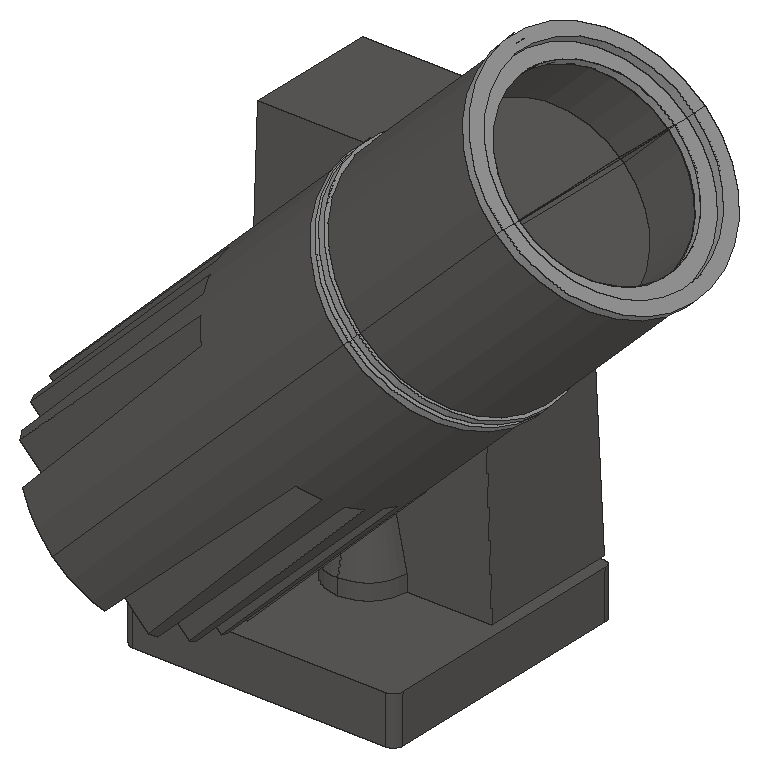
Revit family "2055961", category Lighting Fixtures, host Face, Revit 2016
Family settings
  Host = Face
  Part Type = Normal
  Round Connector Dimension = Use Diameter
  OmniClass Number = 23.80.70.00
  OmniClass Title = Lighting
  Cut with Voids When Loaded = No
  Light Source = No
  Shared = No
  Room Calculation Point = No
Parameters (values of type "2055961 BCON PRJ FRAM O/B SM 3K BLK")
  Weight = "1.365 kg"
  Wattage Comments = ""
  WarrantyStartDate [instance] = "n/a"
  WarrantyGuarantorParts = "n/a"
  WarrantyDurationUnit = "n/a"
  WarrantyDurationParts = "n/a"
  WarrantyDescription = "n/a"
  Voltage = 230 V
  URL = "http://www.sylvania-lighting.com"
  TypeName = "BCON PRJ FRAM O/B SM 3K BLK"
  TypeHead_SYL = Beacon LED Projector Framing Head : 2055961 BCON PRJ FRAM O/B SM 3K BLK
  Type Image = <None>
  Type Comments = "n/a"
  Track_SYL = no
  Surface_SYL = not(Track_SYL)  # yes
  SerialNumber [instance] = "n/a"
  Material_3_SYL = none
  PowerFactor = 0.95
  PowerConsumption = "35 W"
  NominalLength = 0 mm
  NominalHeight = 215 mm
  NominalDepth = 185 mm
  Name = "BCON PRJ FRAM O/B SM 3K BLK"
  ModelReference = Name  # "BCON PRJ FRAM O/B SM 3K BLK"
  ModelNumber = "2055961"
  Model = Name  # "BCON PRJ FRAM O/B SM 3K BLK"
  Material = "aluminium housing"
  ManufacturerName = "Feilo Sylvania"
  Manufacturer = "Feilo Sylvania"
  LuminousEfficacy = "14 lm/W"
  LuminaireType = ""
  LightOutputRatio = "100"
  LampsType = Lamp  # "LED"
  LampNominalLuminous = "474 lm"
  LampMacAdamStep = "3"
  LampColourTemperature = "3000 K"
  LampColourRenderingIndex = "97"
  Lamp = "LED"
  Keynote = "16500"
  InstallationDate [instance] = "n/a"
  InputVoltage = "AC 230 V"
  InputNominalFrequency = "50/60 Hz"
  IngressProtection = "IP20"
  ImpactProtectionIndex = "IK02"
  IfcExportType = "IfcLightFixtureType"
  IfcExportAs = "IfcLightFixtureType"
  HorizontalRotation_SYL [instance] = 0.00°
  EndAngle_SYL [instance] = HorizontalRotation_SYL + 180.00°  # 180.00°
  ElectricShockClassification = "Class II"
  DocumentationLiterature = "http://www.sylvania-lighting.com/product/en-int/products/2055961"
  DimmingControlOptions = "n/a"
  Material_2_SYL = Body-Sylvania-Black
  Description = "Beacon Projector offers precision light exactly where it is needed. The Framing Projector has four adjustable arms allowing the beam to be framed to the desired size shape (square/rectangle or irregular 4 sided shapes).High colour rendering CRI 97 typical. IR/UV free light source without heat radiation. LED technology provides an energy efficient solution with reduced maintenance costs."
  Default Elevation = 1219.2 mm
  CreatedOn = "3/14/2019"
  CreatedBy = "@sylvania-lighting.com"
  Cost = 0
  built-in parameter 1114216 [instance] = (empty or 0)
  ClassificationValue = "EF_70_80"
  ClassificationName = "Uniclass2015"
  Material_1_SYL = Body-Sylvania-Black
  BarCode [instance] = "n/a"
  AssetType = "Fixed"
  AssetIdentifier [instance] = "n/a"
  Assembly Code = "D5020200"
  Apparent Load = 35 VA
  Material_4_SYL = none
Reference planes
  plane 1 "Center (Front/Back)": y = 0
  plane 2: z = 0
  plane 3 "Center (Left/Right)": x = 0
  plane 4: x = 7
  plane 5: x = -7
  plane 6: z = -34.5
  plane 7: z = 15
  plane 8: x = 18.5
  plane 9: x = -18.5
  plane 10: y = 48.5
  plane 11: y = -48.5
  plane 12: y = 34.5
  plane 13: y = -34.5
  plane 14: y = 77
  plane 15: y = -8
  plane 16: x = 42.5
  plane 17: x = -42.5
Forms (mm)
  Extrusion 1, solid, material "Body-Sylvania-Black" <- "Material_1_SYL", visible <- "Track_SYL"
    sketch origin (0, 0, 0) x (1, 0, 0) y (0, 0, 1)
      loop
        line (-18.5, 15) -> (-18.5, 0) -> (-7, 0) -> (-7, -34.5) -> (7, -34.5) -> (7, 0) -> (18.5, 0) -> (18.5, 15) -> (-18.5, 15)
    from -48.5 to 48.5
  Extrusion 2, void
    sketch origin (0, 0, 0) x (1, 0, 0) y (0, 1, 0)
      loop
        arc (-18.5, 34.5) -> (0, 48.5) -> (18.5, 34.5) r 19.223
        line (18.5, 34.5) -> (21.5, 34.5) -> (21.5, 54.5) -> (-23.5, 54.5) -> (-23.5, 34.5) -> (-18.5, 34.5)
      loop
        line (-18.5, -34.5) -> (-23.5, -34.5) -> (-23.5, -54.5) -> (21.5, -54.5) -> (21.5, -34.5) -> (18.5, -34.5)
        arc (18.5, -34.5) -> (0, -48.5) -> (-18.5, -34.5) r 19.223
    from -34.5 to 15
  Revolve 3, solid, not visible
    sketch origin (0, 0, 0) x (0, 1, 0) y (0, 0, 1)
      loop
        line (34.5, 15) -> (48.5, 15) -> (48.5, 39.844) -> (34.5, 39.844) -> (34.5, 15)
      axis (34.5, 15) -> (34.5, 39.844)
    angle from 0 <- "HorizontalRotation_SYL" to 180 <- "EndAngle_SYL"
  Extrusion 4, solid, material "Body-Sylvania-Black" <- "Material_1_SYL", visible <- "Surface_SYL"
    sketch origin (0, 0, 0) x (1, 0, 0) y (0, 1, 0)
      loop
        arc (39.5, -8) -> (41.621, -7.121) -> (42.5, -5) r 3
        line (42.5, -5) -> (42.5, 74)
        arc (42.5, 74) -> (41.621, 76.121) -> (39.5, 77) r 3
        line (39.5, 77) -> (-39.5, 77)
        arc (-39.5, 77) -> (-41.621, 76.121) -> (-42.5, 74) r 3
        line (-42.5, 74) -> (-42.5, -5)
        arc (-42.5, -5) -> (-41.621, -7.121) -> (-39.5, -8) r 3
        line (-39.5, -8) -> (39.5, -8)
    from 0 to 15
Cuts and joins
  Extrusion 2 cuts Extrusion 1
Dimensions and locks
  plane 8 to plane 4 to plane 3 "Center (Left/Right)" to plane 5 to plane 9 = 11.5 mm locked, 7 mm locked, 7 mm locked, 11.5 mm locked
  plane 7 to level to plane 6 = 15 mm locked, 34.5 mm locked
  plane 11 to plane 1 "Center (Front/Back)" to plane 10 = 48.5 mm locked, 48.5 mm locked
  plane 13 to plane 1 "Center (Front/Back)" to plane 12 = 34.5 mm locked, 34.5 mm locked
  plane 15 to plane 12 to plane 14 = 42.5 mm locked, 42.5 mm locked
  plane 16 to plane 3 "Center (Left/Right)" to plane 17 = 42.5 mm locked, 42.5 mm locked
  aligned and locked: plane 2 to host face
  aligned and locked: level to host face
  aligned and locked: plane 7 to Extrusion 1 sketch curve
  aligned and locked: level to Extrusion 1 sketch curve
  aligned and locked: Extrusion 1 sketch curve to plane 8
  aligned and locked: Extrusion 1 sketch curve to plane 6
  aligned and locked: Extrusion 1 sketch curve to plane 4
  aligned and locked: plane 5 to Extrusion 1 sketch curve
  aligned and locked: Extrusion 1 sketch curve to level
  aligned and locked: Extrusion 1 to plane 10
  aligned and locked: plane 11 to Extrusion 1
  aligned and locked: plane 12 to Extrusion 2 sketch curve  (x2)
  aligned and locked: plane 8 to Extrusion 2 sketch curve
  aligned and locked: plane 9 to Extrusion 2 sketch curve
  aligned and locked: plane 13 to Extrusion 2 sketch curve  (x3)
  aligned and locked: Extrusion 2 sketch curve to Extrusion 2 sketch curve  (x2)
  aligned and locked: plane 6 to Extrusion 2
  aligned and locked: Extrusion 2 to plane 7
  aligned and locked: Revolve 3 sketch curve to plane 12
  aligned and locked: Revolve 3 sketch curve to cut or joined group of Extrusion 1, Extrusion 2  (x2)
  aligned and locked: Revolve 3 sketch curve to plane 10
  aligned and locked: Extrusion 4 sketch curve to plane 15
  aligned and locked: Extrusion 4 sketch curve to plane 16
  aligned and locked: plane 14 to Extrusion 4 sketch curve
  aligned and locked: plane 17 to Extrusion 4 sketch curve
  aligned and locked: Extrusion 4 to plane 7
  aligned and locked: Extrusion 4 to level
  aligned and locked: nested 2 to plane 12
Nested families
  nested 1: "Beacon LED Projector Framing Gearbox" at (0, 34.5, 15) x (0, 1, 0) z (1, 0, 0), type "Type Name"
    with VerticalRotation_SYL -45.00°, EndAngle_SYL 135.00°
  nested 2: "Beacon LED Projector Framing Head" at (0, -10.5, 78) x (0, 1, 0) z (0.7071, 0, 0.7071), type <- "TypeHead_SYL", type "2055961 BCON PRJ FRAM O/B SM 3K BLK"
    with built-in parameter 1114216 (empty or 0)
Connectors
  electrical at (0, 34.5, 0), driven by "Voltage", driven by "Apparent Load", driven by "PowerFactor"
    settings: on Extrusion 4, index 1, voltage 230 V, apparent load 35 VA, apparent load phase1 0 VA, apparent load phase2 0 VA, apparent load phase3 0 VA, power factor 0.95, load classification "Other", number of poles 1, system type 30, power factor state 1, is connector primary yes, connector utility no, sub classification motor no, connector description ""
Definition of nested family "Beacon LED Projector Framing Gearbox"
  Parameters (values of type "Type Name")
    VerticalRotation_SYL [instance] = 0.00°
    URL = "http://www.sylvania-lighting.com"
    Type Image = (empty or 0)
    Type Comments = "n/a"
    Material_3_SYL = none
    Model = ""
    Manufacturer = "Feilo Sylvania"
    Keynote = ""
    Material_2_SYL = none
    EndAngle_SYL [instance] = VerticalRotation_SYL + 180.00°  # 180.00°
    Description = ""
    Default Elevation = 1219.2 mm
    Cost = 0
    Material_1_SYL = none
    Assembly Code = ""
    Material_4_SYL = none
  Reference planes
    plane 1 "Center (Front/Back)": y = 0
    plane 2: z = 0
    plane 3 "Center (Left/Right)": x = 0
    plane 4: y = 5
    plane 5: y = 63
    plane 6: y = 47
    plane 7: y = 121
    plane 8: x = -3
    plane 9: x = -12
    plane 10: x = 41
    plane 11: x = 44
    plane 12: z = 38.5
    plane 13: z = -38.5
    plane 14: z = 34.5
    plane 15: z = -34.5
  Forms (mm)
    Extrusion 1, solid
      sketch origin (4.2, 0, 0) x (1, 0, 0) y (0, 1, 0)
        loop
          line (-1219.2, 1219.2) -> (-1219.2, -1219.2) -> (1219.2, -1219.2) -> (1219.2, 1219.2) -> (-1219.2, 1219.2)
      from 0 to -68.017
    Revolve 2, solid, material <- "Material_1_SYL"
      sketch origin (0, 0, 0) x (1, 0, 0) y (0, 1, 0)
        loop
          line (0, 0) -> (0, 47) -> (-3, 47) -> (-12, 5) -> (-12, 0) -> (0, 0)
        axis (0, 47) -> (0, 0)
      angle from 360 to 0
    Blend 3, solid, material <- "Material_1_SYL"
      base sketch origin (0, 0, 0) x (1, 0, 0) y (0, 0, 1)
        loop
          line (0, -38.5) -> (44, -38.5) -> (44, 38.5) -> (0, 38.5) -> (0, -38.5)
      top sketch origin (0, 0, 0) x (1, 0, 0) y (0, 0, 1)
        loop
          line (0, 34.5) -> (0, -34.5) -> (41, -34.5) -> (41, 34.5) -> (0, 34.5)
      from 0 to -121
    Revolve 4, solid, not visible
      sketch origin (0, 0, 0) x (1, 0, 0) y (0, 1, 0)
        loop
          line (0, 63) -> (-12, 63) -> (-12, 47) -> (0, 47) -> (0, 63)
        axis (0, 63) -> (-12, 63)
      angle from 0 <- "VerticalRotation_SYL" to 180 <- "EndAngle_SYL"
  Cuts and joins
    joined: Revolve 2, Blend 3
  Dimensions and locks
    plane 3 "Center (Left/Right)" to plane 10 to plane 11 = 41 mm locked, 3 mm locked
    plane 9 to plane 8 to plane 3 "Center (Left/Right)" = 9 mm locked, 3 mm locked
    plane 1 "Center (Front/Back)" to plane 4 to plane 6 to plane 5 to plane 7 = 5 mm locked, 42 mm locked, 16 mm locked, 58 mm locked
    plane 14 to level to plane 15 = 34.5 mm locked, 34.5 mm locked
    locked: plane 12 to plane 14 at 4
    locked: plane 15 to plane 13 at 4
    aligned and locked: plane 2 to Extrusion 1
    aligned and locked: level to Extrusion 1
    aligned and locked: Revolve 2 sketch curve to plane 3 "Center (Left/Right)"  (x2)
    aligned and locked: Revolve 2 sketch curve to Revolve 2 sketch curve
    aligned and locked: Revolve 2 sketch curve to plane 1 "Center (Front/Back)"
    aligned and locked: plane 4 to Revolve 2 sketch curve
    aligned and locked: plane 9 to Revolve 2 sketch curve
    aligned and locked: plane 6 to Revolve 2 sketch curve  (x2)
    aligned and locked: plane 3 "Center (Left/Right)" to Revolve 2 sketch curve
    aligned and locked: plane 13 to Blend 3 sketch curve
    aligned and locked: Blend 3 sketch curve to plane 3 "Center (Left/Right)"
    aligned and locked: Blend 3 sketch curve to plane 12
    aligned and locked: plane 11 to Blend 3 sketch curve
    aligned and locked: plane 14 to Blend 3 sketch curve
    aligned and locked: Blend 3 sketch curve to plane 15
    aligned and locked: Blend 3 sketch curve to plane 10
    aligned and locked: Blend 3 to plane 7
    aligned and locked: plane 1 "Center (Front/Back)" to Blend 3
    aligned and locked: Revolve 4 sketch curve to plane 5
    aligned and locked: Revolve 4 sketch curve to Revolve 4 sketch curve
    aligned and locked: plane 3 "Center (Left/Right)" to Revolve 4 sketch curve
    aligned and locked: plane 6 to Revolve 4 sketch curve
    aligned and locked: Revolve 4 sketch curve to plane 9
Definition of nested family "Beacon LED Projector Framing Head"
  Parameters (values of type "2055967 BCON PRJ FRAM DALI L3 4K BLK")
    Wattage Comments = "n/a"
    Wattage = 35 W
    built-in parameter 1150110 = 1 (stored number, unit not read)
    URL = "http://www.sylvania-lighting.com"
    Type Image = (empty or 0)
    Type Comments = "n/a"
    built-in parameter 1114217 = 1 (stored number, unit not read)
    Tilt Angle = -90.00°
    built-in parameter 1150109 = 1 (stored number, unit not read)
    built-in parameter 1150134 = 12
    built-in parameter 1150113 = 1 (stored number, unit not read)
    Photometric Web File = "spot_ideal.ies"
    Material_3_SYL = none
    Model = "BCON PRJ FRAM DALI L3 4K BLK"
    Manufacturer = "Feilo Sylvania"
    built-in parameter 1150105 = 49 (stored number, unit not read)
    Lumens = 490 lm
    built-in parameter 1150115 = 1 (stored number, unit not read)
    built-in parameter 1150137 = (empty or 0)
    built-in parameter 1150139 = (empty or 0)
    built-in parameter 1150112 = 1 (stored number, unit not read)
    built-in parameter 1150114 = 1 (stored number, unit not read)
    Lamp = "LED"
    Keynote = "16500"
    Material_2_SYL = none
    built-in parameter 1150132 = (empty or 0)
    built-in parameter 1150102 = (empty or 0)
    built-in parameter 1150107 = 4000 (stored number, unit not read)
    built-in parameter 1150138 = (empty or 0)
    built-in parameter 1150106 = 0.49 (stored number, unit not read)
    Emit from Circle Diameter = 61 mm
    Emit Shape Visible in Rendering = no
    built-in parameter 1150104 = 1.3006 (stored number, unit not read)
    Dimming Lamp Color Temperature Shift = (empty or 0)
    Description = "Beacon Projector offers precision light exactly where it is needed. The Framing Projector has four adjustable arms allowing the beam to be framed to the desired size shape (square/rectangle or irregular 4 sided shapes).High colour rendering CRI 97 typical. IR/UV free light source without heat radiation. LED technology provides an energy efficient solution with reduced maintenance costs."
    Default Elevation = 1219.2 mm
    Cost = 0
    Color Filter = 16777215
    built-in parameter 1114216 [instance] = (empty or 0)
    Material_1_SYL = none
    built-in parameter 1114218 = 1 (stored number, unit not read)
    built-in parameter 1150133 = 10 (stored number, unit not read)
    Assembly Code = "D5020200"
    Apparent Load = 35 VA
    Material_4_SYL = none
  Types (12, lengths in mm): name | built-in parameter 1150134 | Model | built-in parameter 1150107
    2055967 BCON PRJ FRAM DALI L3 4K BLK | 12 | "BCON PRJ FRAM DALI L3 4K BLK" | 4000 (stored number, unit not read)
    2055966 BCON PRJ FRAM DALI L3 4K WH | 12 | "BCON PRJ FRAM DALI L3 4K WH" | 4000 (stored number, unit not read)
    2055965 BCON PRJ FRAM DALI L3 3K BLK | (empty or 0) | "BCON PRJ FRAM DALI L3 3K BLK" | 3000 (stored number, unit not read)
    2055964 BCON PRJ FRAM DALI L3 3K WH | (empty or 0) | "BCON PRJ FRAM DALI L3 3K WH" | 3000 (stored number, unit not read)
    2055963 BCON PRJ FRAM O/B SM 4K BLK | 12 | "BCON PRJ FRAM O/B SM 4K BLK" | 4000 (stored number, unit not read)
    2055962 BCON PRJ FRAM O/B SM 4K WH | 12 | "BCON PRJ FRAM O/B SM 4K WH" | 4000 (stored number, unit not read)
    2055961 BCON PRJ FRAM O/B SM 3K BLK | (empty or 0) | "BCON PRJ FRAM O/B SM 3K BLK" | 3000 (stored number, unit not read)
    2055960 BCON PRJ FRAM O/B SM 3K WH | (empty or 0) | "BCON PRJ FRAM O/B SM 3K WH" | 3000 (stored number, unit not read)
    2055959 BCON PRJ FRAM O/B L3 4K BLK | 12 | "BCON PRJ FRAM O/B L3 4K BLK" | 4000 (stored number, unit not read)
    2055958 BCON PRJ FRAM O/B L3 4K WH | 12 | "BCON PRJ FRAM O/B L3 4K WH" | 4000 (stored number, unit not read)
    2055957 BCON PRJ FRAM O/B L3 3K BLK | (empty or 0) | "BCON PRJ FRAM O/B L3 3K BLK" | 3000 (stored number, unit not read)
    2055956 BCON PRJ FRAM O/B L3 3K WH | (empty or 0) | "BCON PRJ FRAM O/B L3 3K WH" | 3000 (stored number, unit not read)
  Reference planes
    plane 1 "Center (Front/Back)": y = 0
    plane 2: z = 0
    plane 3 "Center (Left/Right)": x = 0
    plane 4: x = 39.5
    plane 5: x = -39.5
    plane 6: z = -45
    plane 7: z = 155
    plane 8: z = 152.4
    plane 9: x = -38.5
    plane 10: z = 91
    plane 11: z = 84.75
    plane 12: z = 35
    plane 13: x = -35.25
    plane 14: z = 151.937
    plane 15: x = -30.5
    plane 16: z = 149.187
    plane 17: z = 88.75
    plane 18: z = 87
    plane 19: x = -37.5
    plane 20: z = 129.187
    plane 21: x = -2.5
    plane 22: x = 2.5
    plane 23: x = -4
    plane 24: x = 4
    plane 25: z = 15
    plane 26: z = -15
    plane 27: x = 45
    plane 28: x = 14.75
  Forms (mm)
    Extrusion 1, solid
      sketch origin (4.2, 0, 0) x (1, 0, 0) y (0, 1, 0)
        loop
          line (-1219.2, 1219.2) -> (-1219.2, -1219.2) -> (1219.2, -1219.2) -> (1219.2, 1219.2) -> (-1219.2, 1219.2)
      from 0 to -68.017
    Revolve 2, solid, material <- "Material_2_SYL"
      sketch origin (0, 0, 0) x (1, 0, 0) y (0, 0, 1)
        loop
          line (-30.5, 149.188) -> (-30.5, 151.938) -> (-35.25, 151.938) -> (-35.25, 155) -> (-39.5, 155) -> (-39.5, 152.4) -> (-37.5, 152.4) -> (-37.5, 149.188) -> (-30.5, 149.188)
        axis (0, 155) -> (0, 149.188)
      angle from 360 to 0
    Revolve 3, solid, material <- "Material_3_SYL"
      sketch origin (0, 0, 0) x (1, 0, 0) y (0, 0, 1)
        loop
          arc (0, 156.729) -> (-15.437, 155.524) -> (-30.5, 151.938) r 99.476
          line (-30.5, 151.938) -> (-30.5, 149.188) -> (0, 149.188) -> (0, 156.729)
        axis (0, 156.729) -> (0, 149.188)
      angle from 360 to 0
    Revolve 4, solid, material <- "Material_1_SYL"
      sketch origin (0, 0, 0) x (1, 0, 0) y (0, 0, 1)
        loop
          line (-38.5, 152.4) -> (-38.5, 91) -> (-35.25, 91) -> (-35.25, 84.75) -> (-38.5, 84.75) -> (-38.5, -45) -> (0, -45) -> (0, 129.187) -> (-30.5, 129.187) -> (-30.5, 149.188) -> (-37.5, 149.188) -> (-37.5, 152.4) -> (-38.5, 152.4)
        axis (0, 152.4) -> (0, -45)
      angle from 360 to 0
    Revolve 5, solid, material <- "Material_2_SYL"
      sketch origin (0, 0, 0) x (1, 0, 0) y (0, 0, 1)
        loop
          line (-39.5, 91) -> (-39.5, 88.75) -> (-37.5, 88.75) -> (-37.5, 87) -> (-39.5, 87) -> (-39.5, 84.75) -> (-35.25, 84.75) -> (-35.25, 91) -> (-39.5, 91)
        axis (0, 91) -> (0, 84.75)
      angle from 360 to 0
    Extrusion 6, void
      sketch origin (20, 0, 0) x (-1, 0, 0) y (0, 0, 1)
        loop
          line (17.5, 35) -> (16, -45) -> (24, -45) -> (22.5, 35) -> (17.5, 35)
      from -40 to 40
    Extrusion 7, void
      sketch origin (20, 0, 0) x (-1, 0, 0) y (0, 0, 1)
        loop
          line (27.5, 35) -> (26, -45) -> (34, -45) -> (32.5, 35) -> (27.5, 35)
      from -40 to 40
    Extrusion 8, void
      sketch origin (-20, 0, 0) x (1, 0, 0) y (0, 0, 1)
        loop
          line (2.5, 35) -> (-2.5, 35) -> (-4, -45) -> (4, -45) -> (2.5, 35)
      from -40 to 40
    Extrusion 9, void
      sketch origin (20, 0, 0) x (-1, 0, 0) y (0, 0, 1)
        loop
          line (47.5, 35) -> (46, -45) -> (54, -45) -> (52.5, 35) -> (47.5, 35)
      from -40 to 40
    Extrusion 10, void
      sketch origin (30, 0, 0) x (-1, 0, 0) y (0, 0, 1)
        loop
          line (2.5, 35) -> (-2.5, 35) -> (-4, -45) -> (4, -45) -> (2.5, 35)
      from -40 to 40
    Extrusion 11, void
      sketch origin (10, 0, 0) x (-1, 0, 0) y (0, 0, 1)
        loop
          line (2.5, 35) -> (-2.5, 35) -> (-4, -45) -> (4, -45) -> (2.5, 35)
      from -40 to 40
    Extrusion 12, void
      sketch origin (20, 0, 0) x (-1, 0, 0) y (0, 0, 1)
        loop
          line (2.5, 35) -> (-2.5, 35) -> (-4, -45) -> (4, -45) -> (2.5, 35)
      from -40 to 40
    Revolve 13, solid, material <- "Material_1_SYL"
      sketch origin (0, 0, 0) x (1, 0, 0) y (0, 0, 1)
        loop
          line (45, 15) -> (14.75, 15) -> (14.75, 0) -> (45, 0) -> (45, 15)
        axis (14.75, 0) -> (45, 0)
      angle from 360 to 0
  Cuts and joins
    Extrusion 6, Extrusion 7, Extrusion 8, Extrusion 9, Extrusion 10, Extrusion 11, Extrusion 12 cuts Revolve 4
    joined: Revolve 4, Revolve 13
  Lines and regions (mm)
    reference lines
      curve 1: line (-2.5, 0, 35) -> (-4, 0, -45)
      curve 2: line (4, 0, -45) -> (2.5, 0, 35)
  Dimensions and locks
    plane 7 to level to plane 6 = 155 mm locked, 45 mm locked
    equal spacing: plane 4, plane 3 "Center (Left/Right)", plane 5
    locked: plane 4 to plane 5 at 79
    locked: plane 7 to plane 10 at 64
    plane 10 to plane 11 = 6.25 mm
    locked: plane 7 to plane 12 at 120
    plane 3 "Center (Left/Right)" to plane 15 to plane 13 to plane 9 to plane 5 = 30.5 mm, 4.75 mm, 3.25 mm, 1 mm
    plane 7 to plane 8 to plane 14 to plane 16 = 2.6 mm locked, 0.463 mm locked, 2.75 mm locked
    locked: plane 3 "Center (Left/Right)" to plane 19 at 37.5
    locked: plane 16 to plane 20 at 20
    plane 10 to plane 17 to plane 18 = 2.25 mm locked, 1.75 mm locked
    plane 22 to plane 3 "Center (Left/Right)" to plane 21 = 2.5 mm locked, 2.5 mm locked
    plane 24 to plane 3 "Center (Left/Right)" to plane 23 = 4 mm locked, 4 mm locked
    equal spacing: group 4, group 3, group 2, group 1
    equal spacing: group 1, group 2, group 3, group 4  (x2)
    plane 25 to level to plane 26 = 15 mm locked, 15 mm locked
    locked: plane 27 to plane 3 "Center (Left/Right)" at 45
    locked: plane 28 to plane 3 "Center (Left/Right)" at 14.75
    aligned and locked: plane 2 to Extrusion 1
    aligned and locked: level to Extrusion 1
    aligned and locked: Revolve 2 sketch curve to plane 3 "Center (Left/Right)"
    aligned and locked: plane 16 to Revolve 2 sketch curve  (x2)
    aligned and locked: plane 15 to Revolve 2 sketch curve
    aligned and locked: plane 13 to Revolve 2 sketch curve
    aligned and locked: Revolve 2 sketch curve to plane 14
    aligned and locked: Revolve 2 sketch curve to plane 7
    aligned and locked: Revolve 2 sketch curve to plane 5
    aligned and locked: plane 8 to Revolve 2 sketch curve
    aligned and locked: Revolve 3 sketch curve to plane 3 "Center (Left/Right)"
    aligned and locked: Revolve 3 sketch curve to Revolve 2
    aligned and locked: Revolve 2 to Revolve 3 sketch curve
    aligned and locked: plane 3 "Center (Left/Right)" to Revolve 3 sketch curve
    aligned and locked: Revolve 4 sketch curve to plane 3 "Center (Left/Right)"
    aligned and locked: plane 10 to Revolve 4 sketch curve
    aligned and locked: Revolve 4 sketch curve to plane 13
    aligned and locked: Revolve 4 sketch curve to plane 11
    aligned and locked: Revolve 4 sketch curve to plane 9  (x2)
    aligned and locked: plane 6 to Revolve 4 sketch curve
    aligned and locked: plane 3 "Center (Left/Right)" to Revolve 4 sketch curve
    aligned and locked: plane 15 to Revolve 4 sketch curve
    aligned and locked: Revolve 4 sketch curve to plane 8
    aligned and locked: Revolve 2 sketch curve to plane 19
    aligned and locked: plane 19 to Revolve 4 sketch curve
    aligned and locked: Revolve 4 sketch curve to plane 20
    aligned and locked: Revolve 5 sketch curve to plane 3 "Center (Left/Right)"
    aligned and locked: plane 10 to Revolve 5 sketch curve
    aligned and locked: Revolve 5 sketch curve to plane 5  (x2)
    aligned and locked: plane 17 to Revolve 5 sketch curve
    aligned and locked: plane 18 to Revolve 5 sketch curve
    aligned and locked: Revolve 5 sketch curve to plane 19
    aligned and locked: plane 11 to Revolve 5 sketch curve
    aligned and locked: Revolve 5 sketch curve to Revolve 4  (x2)
    aligned and locked: plane 21 to curve 1
    aligned and locked: plane 23 to curve 1
    aligned and locked: plane 24 to curve 2
    aligned and locked: plane 22 to curve 2
    aligned and locked: Revolve 13 sketch curve to plane 25
    aligned and locked: plane 27 to Revolve 13 sketch curve
    aligned and locked: Revolve 13 sketch curve to level  (x2)
    aligned and locked: Revolve 13 sketch curve to plane 28
    aligned and locked: plane 3 "Center (Left/Right)" to imposter light
    aligned and locked: imposter light to plane 7
    aligned and locked: imposter light to plane 1 "Center (Front/Back)"
  Automatic sketch dimensions
    Extrusion 1 sketch curve to Extrusion 1 sketch curve = 2438.4 mm  (x2)
    plane 6 to Revolve 2 sketch curve = 564.6 mm
    Revolve 2 sketch curve to plane 7 = 2454.058 mm
    Revolve 3 sketch curve to plane 14 = 0 mm
    Revolve 3 sketch curve to plane 12 = 22.253 mm
    plane 6 to Revolve 3 sketch curve = 564.6 mm
    Revolve 3 sketch curve to Revolve 3 sketch curve = 2452.329 mm
    Revolve 4 sketch curve to plane 16 = 0 mm
    plane 6 to Revolve 4 sketch curve = 564.6 mm
    Revolve 4 sketch curve to plane 7 = 2454.058 mm
    plane 6 to Revolve 5 sketch curve = 564.6 mm
    Revolve 5 sketch curve to plane 7 = 2454.058 mm
    curve 2 to plane 12 = 0 mm
    curve 2 to plane 6 = 0 mm
    curve 1 to plane 6 = 0 mm
    curve 1 to plane 12 = 0 mm
    Extrusion 6 sketch curve to Extrusion 6 sketch curve = 1.5 mm
    Extrusion 6 sketch curve to Extrusion 6 sketch curve = 5 mm
    Extrusion 6 sketch curve to Extrusion 6 sketch curve = 8 mm
    Extrusion 6 sketch curve to Extrusion 6 sketch curve = 80 mm
    Extrusion 7 sketch curve to Extrusion 7 sketch curve = 1.5 mm
    Extrusion 7 sketch curve to Extrusion 7 sketch curve = 5 mm
    Extrusion 7 sketch curve to Extrusion 7 sketch curve = 8 mm
    Extrusion 7 sketch curve to Extrusion 7 sketch curve = 80 mm
    Extrusion 8 sketch curve to Extrusion 8 sketch curve = 1.5 mm
    Extrusion 8 sketch curve to Extrusion 8 sketch curve = 5 mm
    Extrusion 8 sketch curve to Extrusion 8 sketch curve = 8 mm
    Extrusion 8 sketch curve to Extrusion 8 sketch curve = 80 mm
    Extrusion 9 sketch curve to Extrusion 9 sketch curve = 1.5 mm
    Extrusion 9 sketch curve to Extrusion 9 sketch curve = 5 mm
    Extrusion 9 sketch curve to Extrusion 9 sketch curve = 8 mm
    Extrusion 9 sketch curve to Extrusion 9 sketch curve = 80 mm
    Extrusion 10 sketch curve to Extrusion 10 sketch curve = 1.5 mm
    Extrusion 10 sketch curve to Extrusion 10 sketch curve = 5 mm
    Extrusion 10 sketch curve to Extrusion 10 sketch curve = 8 mm
    Extrusion 10 sketch curve to Extrusion 10 sketch curve = 80 mm
    Extrusion 11 sketch curve to Extrusion 11 sketch curve = 1.5 mm
    Extrusion 11 sketch curve to Extrusion 11 sketch curve = 5 mm
    Extrusion 11 sketch curve to Extrusion 11 sketch curve = 8 mm
    Extrusion 11 sketch curve to Extrusion 11 sketch curve = 80 mm
    Extrusion 12 sketch curve to Extrusion 12 sketch curve = 1.5 mm
    Extrusion 12 sketch curve to Extrusion 12 sketch curve = 5 mm
    Extrusion 12 sketch curve to Extrusion 12 sketch curve = 8 mm
    Extrusion 12 sketch curve to Extrusion 12 sketch curve = 80 mm
    Revolve 13 sketch curve to plane 5 = 1495.135 mm
    plane 27 to Revolve 13 sketch curve = 1614.773 mm
